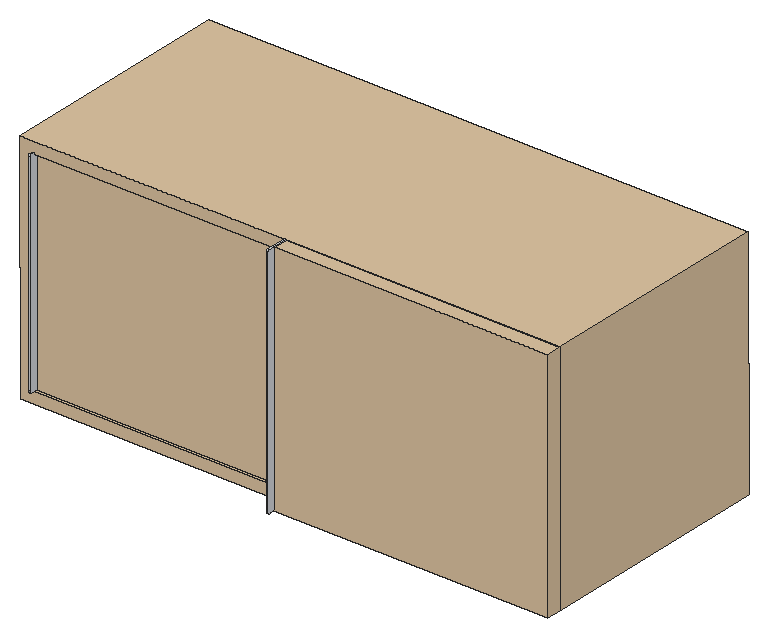
Revit family
Parameters (values of type "36" Width Sliding Door")
  Twin Door Right = and(Door Right, Actual Width > 42")  # no
  Twin Door Left = and(Door Left, Actual Width > 42")  # no
  Outside Slider Width = (Actual Width / 2) + (Frame Thickness / 2) - 1/8"  # 18 1/4"
  Open = not(or(Swing Door, Sliding Door, Double Doors))  # no
  Mask d1 = if(or(Open, Sliding Door), 7 7/8", 8 5/8")  # 7 7/8"
  Inset Slider = and(Sliding Door, Double Doors)  # yes
  Hardware Finish = none
  Double Doors = yes
  Center Vertical = or(Sliding Door, Swing Door, Actual Width > 42")  # yes
  Width = 36"
  Warranty = "www.haworth.com/en-us/Products/Pages/Certifications.aspx"
  URL - Product = "http://www.haworth.com/en-us/Spaces/2011-NeoCon/New-Products/Pages/Beside-Storage.aspx"
  Swing Door = no
  Sustainability Info = "www.haworth.com/en-us/About-Us/Sustainability/Pages/Vision.aspx"
  Sliding Door Inset = if(Inset Slider, 1 1/4", 0")  # 1 1/4"
  Sliding Door = yes
  Inset Slider Width = (Actual Width / 2) - (Frame Thickness / 2) - 1/8"  # 17 1/2"
  Inside Slider Height = Actual Height - Frame Thickness * 2  # 14 1/4"
  Model = "Beside"
  Swing Door Width = if(Twin Door Left, (Actual Width / 4) - 3/32", (Actual Width / 2) - 1/16")  # 17 15/16"
  LEED Data = "http://www2.haworth.com/Promo/Reside-Beside-Belong/LEED-Beside.pdf"
  Door Finish = Haworth - Wood - Light Maple VP-LM
  Door Right = and(Double Doors, Swing Door)  # no
  Door Left = or(Swing Door, and(Double Doors, Swing Door))  # no
  Description = "Beside Overhead Storage"  # constant formula
  Custom Size = not(or(Width = 24", Width = 30", Width = 36", Width = 42", Width = 48", Width = 54", Width = 60", Width = 66", Width = 72"))  # no
  Cabinet Finish = Haworth - Wood - Light Maple VP-LM
  Assembly Code = "E2020200"
  URL = "www.haworth.com"
  Size = "Verify Final Dim. w/ Haworth"  # constant formula
  Revision Number = "1"  # constant formula
  Mounting Offset [instance] = 30"
  Min. Width = 24"  # constant formula
  Max. Width = 72"  # constant formula
  Manufacturer = "Haworth"  # constant formula
  Frame Thickness = 3/4"  # constant formula
  Base Offset = 2 1/8"  # constant formula
  Base Height = 3/4"  # constant formula
  Author = "SHAPE Environments, LLC"  # constant formula
  Standard Widths = "24, 30, 36, 42, 48, 54, 60, 66, 72 in."  # constant formula
  Actual Width = if(Width > Max. Width, Max. Width, if(Width < Min. Width, Min. Width, Width))  # 36"
  Actual Height = 15 3/4"  # constant formula
  Actual Depth = 15 3/4"  # constant formula
Types (4): name | Open | Mask d1 | Inset Slider | Hardware Finish | Double Doors | Center Vertical | Swing Door | Sliding Door Inset | Sliding Door | Door Right | Door Left
  36" Width Hinged Door | no | 8 5/8" | no | Haworth - Metal - Brushed Aluminum | yes | yes | yes | 0" | no | yes | yes
  36" Width No Door | yes | 7 7/8" | no | none | no | no | no | 0" | no | no | no
  36" Width Sliding Door | no | 7 7/8" | yes | none | yes | yes | no | 1 1/4" | yes | no | no
  36" Width Single Door | no | 8 5/8" | no | none | no | yes | yes | 0" | no | no | yes
Reference planes (in)
  plane 1 "Back": y = 0
  plane 2: z = 0
  plane 3 "Center L/R": x = 6.5
  plane 4 "Bottom": z = 30
  plane 5 "Top": z = 45.75
  plane 6 "left": x = -11.5
  plane 7 "right": x = 24.5
  plane 8 "Front": y = -15.75
  plane 9 "Inside Top": z = 45
  plane 10 "Inside Bottom": z = 30.75
  plane 11 "Inside Right": x = 23.75
  plane 12 "Inside Left": x = -10.75
  plane 13: y = -0.75
  plane 14 "Center F/B": y = -7.875
  plane 15 "door right": x = 6.5625
  plane 16 "Door Left": x = 6.4375
  plane 17: y = -14.5
  plane 18: z = 37.875
  plane 19: x = 23.75
  plane 20: x = 6.125
  plane 21: x = 6.875
Forms (in)
  Extrusion 1, solid, material "Haworth - Wood - Light Maple VP-LM" <- "Cabinet Finish"
    sketch origin (0, 0, -0.75) x (1, 0, 0) y (0, 0, 1)
      loop
        line (-11.5, 30.75) -> (24.5, 30.75) -> (24.5, 46.5) -> (-11.5, 46.5) -> (-11.5, 30.75)
      loop
        line (-10.75, 45.75) -> (-10.75, 31.5) -> (23.75, 31.5) -> (23.75, 45.75) -> (-10.75, 45.75)
    from 0 to 15.75
  Extrusion 2, solid, material "Haworth - Wood - Light Maple VP-LM" <- "Cabinet Finish"
    sketch origin (0, 0, -0.75) x (1, 0, 0) y (0, 0, 1)
      loop
        line (-10.75, 45.75) -> (-10.75, 31.5) -> (23.75, 31.5) -> (23.75, 45.75) -> (-10.75, 45.75)
    from 0 to 0.75
  Extrusion 3, solid, material "Haworth - Wood - Light Maple VP-LM" <- "Cabinet Finish", visible <- "Center Vertical"
    sketch origin (0, 0, 0) x (1, 0, 0) y (0, 1, 0)
      loop
        line (6.125, -14.5) -> (6.875, -14.5) -> (6.875, -0.75) -> (6.125, -0.75) -> (6.125, -14.5)
    from 30.75 to 45
Lines and regions (in)
  Masking region 1
    outline origin (0, 0, 30) x (-1, 0, 0) y (0, -1, 0)
      loop
        line (11.5, 0) -> (11.5, 15.75) -> (-24.5, 15.75) -> (-24.5, 0) -> (11.5, 0)
  Masking region 2, visible <- "Sliding Door", detail levels fine
    outline origin (0, 0, 30) x (-1, 0, 0) y (0, -1, 0)
      loop
        line (-6.125, 15.75) -> (-6.125, 16.75) -> (-24.5, 16.75) -> (-24.5, 15.75) -> (-6.125, 15.75)
  Masking region 3, visible <- "Door Left", detail levels fine
    outline origin (0, 0, 30) x (-1, 0, 0) y (0, -1, 0)
      loop
        line (11.5, 15.75) -> (11.5, 16.5) -> (-6.5, 16.5) -> (-6.5, 15.75) -> (11.5, 15.75)
  Masking region 4, visible <- "Door Right", detail levels fine
    outline origin (0, 0, 30) x (-1, 0, 0) y (0, -1, 0)
      loop
        line (-6.5, 15.75) -> (-6.5, 16.5) -> (-24.5, 16.5) -> (-24.5, 15.75) -> (-6.5, 15.75)
  model lines, style "InvisibleLines", detail levels coarse+fine
    curve 1: line (6.5, 0, 30) -> (6.5, 0, 0)
  symbolic lines, style "Haworth Hidden", visible <- "Inset Slider", detail levels fine
    curve 2: line (-11.5, -14.5, 0) -> (6.125, -14.5, 0)
    curve 3: line (6.125, -14.5, 0) -> (6.125, -16.75, 0)
Dimensions and locks (in)
  equal spacing: plane 7 "right", plane 3 "Center L/R", plane 6 "left"
  "Actual Width": plane 7 "right" to plane 6 "left"
  "Actual Depth": plane 8 "Front" to plane 1 "Back"
  "Frame Thickness": plane 5 "Top" to plane 9 "Inside Top"
  "Frame Thickness": plane 10 "Inside Bottom" to plane 4 "Bottom"
  "Frame Thickness": plane 12 "Inside Left" to plane 6 "left"
  "Frame Thickness": plane 7 "right" to plane 11 "Inside Right"
  "Frame Thickness": plane 1 "Back" to plane 13
  equal spacing: plane 1 "Back", plane 14 "Center F/B", plane 8 "Front"
  "Mounting Offset": plane 4 "Bottom" to level
  "Actual Height": plane 5 "Top" to plane 4 "Bottom"
  "Sliding Door Inset": plane 17 to plane 8 "Front"
  plane 9 "Inside Top" to plane 10 "Inside Bottom" = 14 1/4"
  equal spacing: plane 5 "Top", plane 18, plane 4 "Bottom"
  locked: plane 7 "right" to plane 19 at 0.75
  equal spacing: plane 21, plane 3 "Center L/R", plane 20
  "Frame Thickness": plane 21 to plane 20
  aligned and locked: Extrusion 1 to plane 8 "Front"
  aligned and locked: plane 5 "Top" to Extrusion 1 sketch curve
  aligned and locked: Extrusion 1 sketch curve to plane 6 "left"
  aligned and locked: plane 7 "right" to Extrusion 1 sketch curve
  aligned and locked: Extrusion 1 to Extrusion 2 sketch curve
  aligned and locked: Extrusion 2 sketch curve to Extrusion 1  (x3)
  aligned and locked: plane 13 to Extrusion 2
  aligned and locked: curve 1 to plane 3 "Center L/R"
  aligned and locked: level to curve 1
  aligned: plane 6 "left" to nested 1
  aligned and locked: plane 6 "left" to nested 1
  aligned and locked: Extrusion 1 to plane 4 "Bottom"
  aligned and locked: plane 5 "Top" to nested 1
  aligned: plane 8 "Front" to nested 1
  aligned and locked: plane 18 to nested 1
  aligned and locked: plane 8 "Front" to nested 1
  aligned and locked: Extrusion 3 sketch curve to plane 13
  aligned and locked: Extrusion 3 sketch curve to plane 17
  aligned and locked: plane 9 "Inside Top" to Extrusion 3
  aligned and locked: Extrusion 3 to plane 10 "Inside Bottom"
  aligned and locked: Extrusion 3 sketch curve to plane 20
  aligned and locked: plane 21 to Extrusion 3 sketch curve
  aligned and locked: plane 16 "Door Left" to nested 2
  aligned and locked: plane 7 "right" to nested 4
  aligned and locked: nested 4 to plane 8 "Front"
  aligned and locked: nested 4 to plane 5 "Top"
  aligned and locked: nested 3 to plane 17
  aligned and locked: nested 3 to plane 21
  aligned and locked: nested 3 to plane 9 "Inside Top"
  aligned and locked: plane 15 "door right" to nested 5
  aligned and locked: plane 7 "right" to nested 6
  aligned and locked: plane 6 "left" to Masking region 1 sketch curve
  aligned and locked: plane 1 "Back" to Masking region 1 sketch curve
  aligned and locked: Masking region 1 sketch curve to plane 7 "right"
  aligned and locked: Masking region 2 sketch curve to plane 7 "right"
  aligned and locked: plane 20 to Masking region 2 sketch curve
  aligned and locked: Masking region 2 sketch curve to plane 8 "Front"
  aligned and locked: curve 2 to plane 17
  aligned and locked: plane 6 "left" to curve 2
  aligned and locked: plane 6 "left" to Masking region 3 sketch curve
  aligned and locked: Masking region 3 sketch curve to plane 3 "Center L/R"
  aligned and locked: Masking region 3 sketch curve to plane 8 "Front"
  aligned and locked: plane 3 "Center L/R" to Masking region 4 sketch curve
  aligned and locked: Masking region 4 sketch curve to plane 7 "right"
  aligned and locked: Masking region 4 sketch curve to plane 8 "Front"
  aligned and locked: plane 8 "Front" to Masking region 1 sketch curve
  aligned and locked: curve 3 to plane 20
Automatic sketch dimensions
  Extrusion 1 sketch curve to plane 9 "Inside Top" = 0"
  Extrusion 1 sketch curve to plane 12 "Inside Left" = 0"
  Extrusion 1 sketch curve to plane 11 "Inside Right" = 0"
  Extrusion 1 sketch curve to plane 4 "Bottom" = 0"
  Extrusion 1 sketch curve to plane 10 "Inside Bottom" = 0"
  curve 1 to plane 4 "Bottom" = 0"
  curve 3 to plane 8 "Front" = 1"
  Masking region 2 sketch curve to Masking region 2 sketch curve = 1"
  Masking region 3 sketch curve to Masking region 3 sketch curve = 3/4"
  Masking region 4 sketch curve to plane 8 "Front" = 3/4"
Nested families (in)
  nested 1: "Haworth_Door-Panel_Swing" at (-3.71145, -16.09476, 30), visible <- "Door Left", type "Swing"
  nested 2: "Haworth_Door-Panel_Swing" at (-1.35105, -16.09476, 30) x (-1, 0, 0) z (0, 0, 1), visible <- "Twin Door Left", type "Swing"
  nested 3: "Haworth_Storage-Door_Sliding" at (9.58402, -16.25, 30.75) x (-1, 0, 0) z (0, 0, 1), visible <- "Inset Slider", type "Inside"
    with Door Width 17 1/2"
  nested 4: "Haworth_Storage-Door_Sliding" at (26.45902, -17.5, 30) x (-1, 0, 0) z (0, 0, 1), visible <- "Sliding Door", type "Outside"
    with Door Width 18 1/4"
  nested 5: "Haworth_Door-Panel_Swing" at (14.35105, -16.09476, 30), visible <- "Twin Door Right", type "Swing"
  nested 6: "Haworth_Door-Panel_Swing" at (16.71145, -16.09476, 30) x (-1, 0, 0) z (0, 0, 1), visible <- "Door Right", type "Swing"
Definition of nested family "Haworth_Door-Panel_Swing"
  Parameters (values of type "Right Door")
    URL = "www.haworth.com"
    Revision Number = "1"  # constant formula
    Revision Date = ""
    Pull Offset = 1 1/2"
    Linear Pull = no
    Finger Pull Location = if(Finger Pull, Door Height + 1/4", 0.15")  # 0.15"
    Finger Pull = no
    Door Pull Location = 1"
    Door Pull Length = 8"
    Door Pull Finish = none
    Bar Pull = no
    Classic Pull = no
    Assembly Code = ""
    Pull Offset Centerline = 3"
    Pull Height Centerline = 6"
    Door Width = 17 15/16"
    Door Height = 15 3/4"
    Door Finish = Haworth - Wood - Light Maple VP-LM
    Door Depth = 3/4"
    Manufacturer = "Haworth"  # constant formula
    Author = "SHAPE Environments, LLC"  # constant formula
  Types (2): name
    Right Door
    Left Door
  Reference planes (in)
    plane 1 "Center F/B": y = -0.03024
    plane 2: z = 0
    plane 3 "Center L/R": x = 1.1802
    plane 4 "Left": x = -7.78855
    plane 5 "Right": x = 10.14895
    plane 6 "Back": y = 0.34476
    plane 7 "Front": y = -0.40524
    plane 8 "Top": z = 15.75
    plane 9 "Pull Offset": x = 7.14895
    plane 10 "Pull Height": z = 6
    plane 11 "Finger Pull Top": z = -0.1
    plane 12 "Finger Pull Bottom": z = -0.25
    plane 13 "Center": z = 7.875
  Forms (in)
    Extrusion 1, solid, material "Haworth - Wood - Light Maple VP-LM" <- "Door Finish"
      sketch origin (0, -0.03024, 0) x (1, 0, 0) y (0, 0, 1)
        loop
          line (-7.78855, 15.75) -> (-7.78855, 0) -> (10.14895, 0) -> (10.14895, 15.75) -> (-7.78855, 15.75)
      from -0.375 to 0.375
    Extrusion 2, void
      sketch origin (2.36041, 0, 0) x (-1, 0, 0) y (0, -1, 0)
        loop
          line (-7.78855, 0.40524) -> (-7.78855, -0.19476) -> (-6.78855, -0.19476)
          arc (-6.78855, -0.19476) -> (-6.58917, 0.00462) -> (-6.78855, 0.204) r 0.19938
          line (-6.78855, 0.204) -> (-7.18793, 0.204)
          arc (-7.18793, 0.204) -> (-7.28855, 0.30462) -> (-7.18793, 0.40524) r 0.10062
          line (-7.18793, 0.40524) -> (-7.78855, 0.40524)
      from -0.25 to -0.1
  Cuts and joins
    Extrusion 2 cuts Extrusion 1
  Lines and regions (in)
    Masking region 1, detail levels medium+fine
      outline origin (0, 0, 0) x (1, 0, 0) y (0, 1, 0)
        loop
          line (-7.78855, 0.34476) -> (-7.78855, -0.40524) -> (10.14895, -0.40524) -> (10.14895, 0.34476) -> (-7.78855, 0.34476)
    symbolic lines, style "Haworth Hidden"
      curve 1: line (-7.78855, 0.34476, 0) -> (10.14895, 0.34476, 0)
      curve 2: line (-7.78855, -0.40524, 0) -> (-7.78855, 0.34476, 0)
      curve 3: line (10.14895, -0.40524, 0) -> (-7.78855, -0.40524, 0)
      curve 4: line (10.14895, 0.34476, 0) -> (10.14895, -0.40524, 0)
  Dimensions and locks (in)
    "Door Height": plane 8 "Top" to level
    equal spacing: plane 6 "Back", plane 1 "Center F/B", plane 7 "Front"
    "Door Depth": plane 6 "Back" to plane 7 "Front"
    equal spacing: plane 4 "Left", plane 3 "Center L/R", plane 5 "Right"
    "Door Width": plane 4 "Left" to plane 5 "Right"
    "Pull Height Centerline": plane 10 "Pull Height" to level
    "Finger Pull Location": plane 11 "Finger Pull Top" to plane 12 "Finger Pull Bottom"
    locked: plane 2 to plane 12 "Finger Pull Bottom" at 0.25
    "Pull Offset Centerline": plane 5 "Right" to plane 9 "Pull Offset"
    equal spacing: plane 8 "Top", plane 13 "Center", level
    aligned and locked: plane 4 "Left" to Extrusion 1 sketch curve
    aligned and locked: Extrusion 1 sketch curve to plane 5 "Right"
    aligned and locked: Extrusion 1 sketch curve to plane 8 "Top"
    aligned and locked: level to Extrusion 1 sketch curve
    aligned and locked: plane 6 "Back" to Extrusion 1
    aligned and locked: Extrusion 1 to plane 7 "Front"
    aligned and locked: plane 9 "Pull Offset" to nested 1
    aligned and locked: plane 10 "Pull Height" to nested 1
    aligned: nested 1 to plane 7 "Front"
    aligned and locked: Extrusion 1 to plane 4 "Left"
    aligned and locked: Extrusion 2 to plane 12 "Finger Pull Bottom"
    aligned and locked: plane 11 "Finger Pull Top" to Extrusion 2
    aligned and locked: nested 1 to plane 7 "Front"
  Automatic sketch dimensions
    Masking region 1 sketch curve to plane 4 "Left" = 0"
    Masking region 1 sketch curve to plane 5 "Right" = 0"
    Masking region 1 sketch curve to plane 7 "Front" = 0"
    Masking region 1 sketch curve to plane 6 "Back" = 0"
    Extrusion 2 sketch curve to plane 5 "Right" = 0"
    Extrusion 2 sketch curve to plane 7 "Front" = 0"
    plane 5 "Right" to Extrusion 2 sketch curve = 0.60062"
    Extrusion 2 sketch curve to plane 7 "Front" = 0.20124"
    Extrusion 2 sketch curve to Extrusion 2 sketch curve = 0.39938"
    plane 1 "Center F/B" to Extrusion 2 sketch curve = 0.02562"
    curve 3 to plane 4 "Left" = 0"
    curve 3 to plane 5 "Right" = 0"
    curve 3 to plane 7 "Front" = 0"
    curve 2 to plane 6 "Back" = 0"
  Nested families (in)
    nested 1: "Haworth_Door-Pulls" at (8.4321, -0.375, 6), type "Pull", detail levels medium+fine
Definition of nested family "Haworth_Storage-Door_Sliding"
  Parameters (values of type "Inside")
    Warranty = ""
    URL - Product = ""
    URL = "www.haworth.com"
    Sustainability Info = ""
    Sliding Door Pull Width = 1 1/2"
    Size = "Verify Final Dim. w/ Haworth"  # constant formula
    Revision Number = ""
    Panel Thickness = 3/4"
    Overlap = 1"
    OmniClass Number = ""
    Material Options = ""
    Manufacturer = "Haworth"  # constant formula
    LEED Data = ""
    Hardware Finish = Haworth - Metal - Brushed Aluminum
    Door Width = 29 1/2"
    Door Height = 14 1/4"
    Door Finish = Haworth - Wood - Light Maple VP-LM
    Author = "SHAPE Environments, LLC"  # constant formula
    Assembly Code = ""
  Types (2): name | Door Width | Door Height
    Inside | 29 1/2" | 14 1/4"
    Outside | 30 1/4" | 15 3/4"
  Reference planes (in)
    plane 1 "Face of Storage": y = 0.75
    plane 2: z = 0
    plane 3 "Center L/R": x = 2.20902
    plane 4 "Bottom": z = 0.75
    plane 5 "Top": z = 13.5
    plane 6 "Right": x = 20.20902
    plane 7 "Right Panel Left Limit": x = 19.20902
    plane 8 "Left Panel Right Limit": x = 20.20902
    plane 9 "Outer Top": z = 14.25
    plane 10 "Left": x = -9.29098
    plane 11 "Back": y = 1.75
    plane 12 "Front": y = 0.75
    plane 13: z = 7.125
  Forms (in)
    Extrusion 1, solid, material "Haworth - Wood - Light Maple VP-LM" <- "Door Finish"
      sketch origin (-19.83785, 0.25, -30.75) x (-1, 0, 0) y (0, 0, 1)
        loop
          line (-10.54687, 45) -> (-40.04687, 45) -> (-40.04687, 30.75) -> (-10.54687, 30.75) -> (-10.54687, 45)
      from 0.5 to 1.5
    Extrusion 2, solid, material "Haworth - Metal - Brushed Aluminum" <- "Hardware Finish"
      sketch origin (20.20902, -0.9375, 0.75) x (0, 0, 1) y (0, -1, 0)
        loop
          arc (13.5, -1.3125) -> (13.46339, -1.22411) -> (13.375, -1.1875) r 0.125
          line (13.375, -1.1875) -> (-0.625, -1.1875)
          arc (-0.625, -1.1875) -> (-0.71339, -1.22411) -> (-0.75, -1.3125) r 0.125
          line (-0.75, -1.3125) -> (-0.75, -2.6875) -> (13.5, -2.6875) -> (13.5, -1.3125)
      from 0 to 0.125
  Dimensions and locks (in)
    "Panel Thickness": plane 9 "Outer Top" to plane 5 "Top"
    plane 7 "Right Panel Left Limit" to plane 8 "Left Panel Right Limit" = 1"
    locked: plane 12 "Front" to plane 11 "Back" at 1
    "Panel Thickness": plane 4 "Bottom" to level
    equal spacing: plane 9 "Outer Top", plane 13, level
    "Door Height": plane 9 "Outer Top" to plane 2
    plane 6 "Right" to plane 3 "Center L/R" = 18"
    locked: Extrusion 2 to Extrusion 2 at 0.125
    "Door Width": plane 10 "Left" to plane 8 "Left Panel Right Limit"
    "Sliding Door Pull Width": Extrusion 2 sketch curve to Extrusion 1
    aligned: plane 5 "Top" to Extrusion 1
    aligned: Extrusion 1 to plane 4 "Bottom"
    aligned and locked: plane 8 "Left Panel Right Limit" to Extrusion 1
    aligned and locked: plane 9 "Outer Top" to Extrusion 1
    aligned: Extrusion 1 to plane 10 "Left"
    aligned and locked: Extrusion 1 to plane 2
    aligned and locked: Extrusion 2 to plane 8 "Left Panel Right Limit"
    aligned and locked: plane 2 to Extrusion 2 sketch curve
    aligned and locked: Extrusion 2 sketch curve to plane 9 "Outer Top"
    aligned and locked: Extrusion 1 to plane 10 "Left"
    aligned and locked: plane 11 "Back" to Extrusion 2 sketch curve
  Automatic sketch dimensions
    Extrusion 1 sketch curve to plane 8 "Left Panel Right Limit" = 0"
    Extrusion 1 sketch curve to level = 0"
    Extrusion 1 sketch curve to plane 9 "Outer Top" = 0"
    Extrusion 1 sketch curve to plane 10 "Left" = 0"
    Extrusion 2 sketch curve to plane 9 "Outer Top" = 1/8"
    Extrusion 2 sketch curve to Extrusion 2 sketch curve = 1/8"
